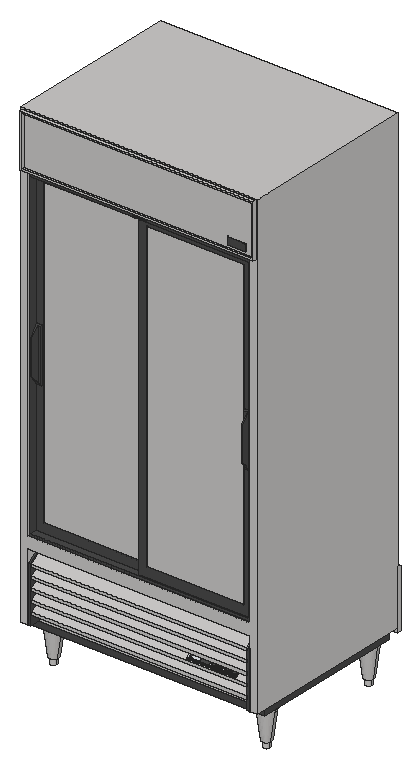
Revit family "QF_TRUE_TSD-33-HC", category Specialty Equipment, Revit 2016
Family settings
  Part Type = Normal
  Round Connector Dimension = Use Diameter
  Work Plane-Based = No
  Always vertical = Yes
  Cut with Voids When Loaded = No
  Shared = No
  Room Calculation Point = No
Parameters
  Weight in Pounds = 350
  Watts = if(Phase = 3, Volts * FL Amps * 1.73, Volts * FL Amps)  # 747.5 W
  Volts = 115 V
  URL Cutsheet = ""
  Specification by User = ""
  Specification by Manufacturer = ""
  Show Seismic Flanged [instance] = no
  Show Logo [instance] = no
  Show Legs [instance] = yes
  Show 2.5 Inches Castors [instance] = no
  Serial Number = ""
  Seismic Rating = ""
  Seismic Flanged [instance] = and(Show Seismic Flanged, not(Show 4 Inches Castors))  # no
  SMACNA No = ""
  Revision Code = ""
  Phase = 1
  Number of Poles = 1
  NAFEM Spec ID Number = ""
  Model = "TSD-33-HC"
  Min Ckt Ampacity = 0 A
  Max Overcurrent Protection = 0 A
  Masterspec = ""
  Manufacturer = "TRUE"
  Length = 39 1/2"
  Legs [instance] = and(not(Show 2.5 Inches Castors), or(Show Legs, Show Seismic Flanged))  # yes
  Item Number = ""
  Installed By = ""
  Identify Quantity as Lot = yes
  Height = 84 3/8"
  HP = "1/2"
  Furnished By = ""
  Foodservice Equipment Identifier = yes
  FL Amps = 6.5 A
  Electrical Remarks = ""
  Electric Connection Type = ""
  Elec Conn RI Height = 0"
  Elec Conn Connection Height = 0"
  Description = "REACH-IN SOLID DOOR REFRIGERATOR WITH HYDROCARBON REFRIGERANT"
  Depth = 29 13/16"
  Cycle = 60 Hz
  Conn Plug = "NEMA 5-15P"
  Conn Conduit = yes
  Show 4 Inches Castors [instance] = if(Show 2.5 Inches Castors, or(Show Legs, Show Seismic Flanged), if(Show Seismic Flanged, Show Legs, not(or(Show Legs, Show Seismic Flanged, Show 2.5 Inches Castors))))  # no
  CSI MasterFormat = ""
  Base Height [instance] = if(Show 4 Inches Castors, 4", if(Show 2.5 Inches Castors, 2 1/2", if(Show Legs, 6 1/16", if(Show Seismic Flanged, 6 1/16", 4"))))  # 6 1/16"
  Apparent Power = if(Phase = 3, Volts * FL Amps * 1.73, Volts * FL Amps)  # 747.5 VA
  2.5 Inches Castors [instance] = and(Show 2.5 Inches Castors, not(Show 4 Inches Castors))  # no
Reference planes (in)
  plane 1 "BACK": y = 0
  plane 2: z = 0
  plane 3 "LEFT": x = 0
  plane 4 "RIGHT": x = 39.5
  plane 5 "FRONT": y = -29.8125
  plane 6 "TOP": z = 84.375
  plane 7 "Center Y": x = 19.75
  plane 8 "Center X": y = -14.90625
  plane 9: z = 6.0625
  plane 10: y = 0.5
  plane 11: x = 2
  plane 12: x = 37.5
  plane 13: y = -24.90625
  plane 14: y = -3.59375
Dimensions and locks (in)
  equal spacing: plane 3 "LEFT", plane 7 "Center Y", plane 4 "RIGHT"
  "Length": plane 3 "LEFT" to plane 4 "RIGHT"
  equal spacing: plane 5 "FRONT", plane 8 "Center X", plane 1 "BACK"
  "Depth": plane 5 "FRONT" to plane 1 "BACK"
  "Height": plane 6 "TOP" to level
  "Base Height": plane 9 to plane 2
  aligned and locked: level to plane 2
  aligned and locked: plane 9 to nested 1
Nested families (in)
  nested 1: "TSD-33-HC" at (0, -0.25, 0.0625), type "TSD-33-HC"
    with Type Mark "", Specification by User "", Revision Code "", Logo yes, Item Number "", Installed By "", Identify Quantity as Lot yes, Furnished By "", Foodservice Equipment Identifier yes
  nested 2: "TRUE_L6_C3.25" at (2, -24.90625, 0), Show Casters <- "Show 4 Inches Castors", Seismic Plate <- "Seismic Flanged", Legs <- "Legs", 2.5 Inches Caster <- "2.5 Inches Castors", type "TRUE_L6_C3.25"
    with Type Mark "", Specification by User "", Show Casters no, Seismic Plate no, Revision Code "", Legs yes, Item Number "", Installed By "", Identify Quantity as Lot yes, Furnished By "", Foodservice Equipment Identifier yes, 2.5 Inches Caster no
  nested 3: "TRUE_L6_C3.25" at (37.5, -24.90625, 0), Show Casters <- "Show 4 Inches Castors", Seismic Plate <- "Seismic Flanged", Legs <- "Legs", 2.5 Inches Caster <- "2.5 Inches Castors", type "TRUE_L6_C3.25"
    with Type Mark "", Specification by User "", Show Casters no, Seismic Plate no, Revision Code "", Legs yes, Item Number "", Installed By "", Identify Quantity as Lot yes, Furnished By "", Foodservice Equipment Identifier yes, 2.5 Inches Caster no
  nested 4: "TRUE_L6_C3.25" at (2, -3.59375, 0), Show Casters <- "Show 4 Inches Castors", Seismic Plate <- "Seismic Flanged", Legs <- "Legs", 2.5 Inches Caster <- "2.5 Inches Castors", type "TRUE_L6_C3.25"
    with Type Mark "", Specification by User "", Show Casters no, Seismic Plate no, Revision Code "", Legs yes, Item Number "", Installed By "", Identify Quantity as Lot yes, Furnished By "", Foodservice Equipment Identifier yes, 2.5 Inches Caster no
  nested 5: "TRUE_L6_C3.25" at (37.5, -3.59375, 0), Show Casters <- "Show 4 Inches Castors", Seismic Plate <- "Seismic Flanged", Legs <- "Legs", 2.5 Inches Caster <- "2.5 Inches Castors", type "TRUE_L6_C3.25"
    with Type Mark "", Specification by User "", Show Casters no, Seismic Plate no, Revision Code "", Legs yes, Item Number "", Installed By "", Identify Quantity as Lot yes, Furnished By "", Foodservice Equipment Identifier yes, 2.5 Inches Caster no
Connectors (in)
  electrical at (19.75, 0.5, 11.625), driven by "Volts", driven by "Watts"
    settings: on nested 1, index 1, voltage 115 V, apparent load 747.5 VA, apparent load phase1 0 VA, apparent load phase2 0 VA, apparent load phase3 0 VA, power factor 1, load classification "Other", number of poles 1, system type 30, power factor state 1, is connector primary yes, connector utility no, sub classification motor no, connector description "ELECTRICAL CONNECTION"
Definition of nested family "TSD-33-HC"
  Parameters (values of type "TSD-33-HC")
    URL = "www.truemfg.com"
    Type Mark [instance] = ""
    Type Comments = "www.truemfg.com"
    Specification by User [instance] = ""
    Specification by Manufacturer = ""
    Serial Number = ""
    Seismic Rating = ""
    SMACNA No = ""
    Revision Code [instance] = ""
    Omniclass Number and Title = ""
    NAFEM Spec ID Number = ""
    Model = ""
    MasterSpec. = ""
    Manufacturer = "TRUE FOOD SERVICE EQUIPMENT, INC."
    Logo [instance] = yes
    Item Number [instance] = ""
    Installed By [instance] = ""
    Identify Quantity as Lot [instance] = yes
    Furnished By [instance] = ""
    Foodservice Equipment Identifier [instance] = yes
    Description = ""
    CSI MasterFormat = ""
    CSI Master Format = ""
    Assembly Code = ""
  Reference planes (in)
    plane 1: z = 0
    plane 2 "LEFT": x = 0
    plane 3 "RIGHT": x = 39.5
    plane 4 "FRONT": y = -29.5625
    plane 5 "TOP": z = 84.3125
    plane 6: z = 6
    plane 7: y = -36.15965
    plane 8: y = -36.15965
    plane 9: y = -36.15965
    plane 10: y = 0.25
    plane 11: y = 0.75
  Forms (in)
    Extrusion 1, solid
      sketch origin (0, 0, 1) x (0, 1, 0) y (0, 0, 1)
        loop
          line (-1, 6.375) -> (-27, 6.375) -> (-27, 5) -> (-1, 5) -> (-1, 6.375)
      from 0.5 to 39
    Extrusion 2, solid
      sketch origin (0, -29.875, 0) x (1, 0, 0) y (0, 0, 1)
        loop
          line (0, 84.3125) -> (0, 7.375) -> (1.25, 7.375) -> (1.25, 18.625) -> (38.25, 18.625) -> (38.25, 7.375) -> (39.5, 7.375) -> (39.5, 84.3125) -> (0, 84.3125)
        loop
          line (1.25, 75) -> (1.25, 20.625) -> (38.25, 20.625) -> (38.25, 75) -> (1.25, 75)
      from -28.875 to -0.8125
    Extrusion 3, solid
      sketch origin (0, 0, 0) x (1, 0, 0) y (0, 0, 1)
        loop
          line (0, 84.3125) -> (0, 7.375) -> (39.5, 7.375) -> (39.5, 84.3125) -> (0, 84.3125)
      from -0.25 to 1
    Extrusion 4, solid
      sketch origin (0, -2.45545, 4.4375) x (0, 1, 0) y (0, 0, 1)
        loop
          line (-26.60705, 6.357) -> (-24.90393, 7.56798) -> (-24.90393, 6.22746) -> (-26.60705, 5.01648) -> (-26.60705, 4.55635) -> (-24.90393, 5.76733) -> (-24.90393, 2.9375) -> (-24.04455, 2.9375) -> (-24.04455, 14.1875) -> (-24.90393, 14.1875) -> (-24.90393, 13.42723) -> (-26.60705, 12.21625) -> (-26.60705, 11.75612) -> (-24.90393, 12.9671) -> (-24.90393, 11.62658) -> (-26.60705, 10.4156) -> (-26.60705, 9.95547) -> (-24.90393, 11.16645) -> (-24.90393, 9.82592) -> (-26.60705, 8.61494) -> (-26.60705, 8.14374) -> (-24.90393, 9.35472) -> (-24.90393, 8.01419) -> (-26.60705, 6.80321) -> (-26.60705, 6.357)
      from 1.75 to 37.75
    Extrusion 5, solid
      sketch origin (-0.25, -2.45545, 4.4375) x (0, 1, 0) y (0, 0, 1)
        loop
          line (-24.90393, 13.42723) -> (-26.60705, 12.21625) -> (-26.60705, 2.9375) -> (-24.04455, 2.9375) -> (-24.04455, 14.17051) -> (-24.90393, 14.17051) -> (-24.90393, 13.42723)
      from 1.5 to 2
    Extrusion 6, solid
      sketch origin (39.75, -2.45545, 4.4375) x (0, 1, 0) y (0, 0, -1)
        loop
          line (-24.90393, -14.17051) -> (-24.04455, -14.17051) -> (-24.04455, -2.9375) -> (-26.60705, -2.9375) -> (-26.60705, -12.21625) -> (-24.90393, -13.42723) -> (-24.90393, -14.17051)
      from 1.5 to 2
    Extrusion 7, solid
      sketch origin (0, -29.5625, 0) x (1, 0, 0) y (0, 0, 1)
        loop
          line (0.5625, 75.4375) -> (38.9375, 75.4375) -> (38.9375, 83.8125) -> (0.5625, 83.8125) -> (0.5625, 75.4375)
        loop
          line (39.1875, 75.1875) -> (39.1875, 84.0625) -> (0.3125, 84.0625) -> (0.3125, 75.1875) -> (39.1875, 75.1875)
      from -0.5 to 0
    Extrusion 8, solid
      sketch origin (0, -28.9375, 0) x (1, 0, 0) y (0, 0, 1)
        loop
          line (2.75265, 73.5) -> (2.75265, 22.5) -> (18.87765, 22.5) -> (18.87765, 73.5) -> (2.75265, 73.5)
        loop
          line (1.50265, 21) -> (20.12765, 21) -> (20.12765, 75) -> (1.50265, 75) -> (1.50265, 21)
      from -1.90983 to -1.20983
    Extrusion 9, solid
      sketch origin (17.8697, -29.77233, 0) x (1, 0, 0) y (0, 0, 1)
        loop
          line (2.75265, 73.5) -> (2.75265, 22.5) -> (18.87765, 22.5) -> (18.87765, 73.5) -> (2.75265, 73.5)
        loop
          line (1.50265, 21) -> (20.12765, 21) -> (20.12765, 75) -> (1.50265, 75) -> (1.50265, 21)
      from -1.90983 to -1.20983
    Extrusion 10, solid
      sketch origin (0, -28.9375, 1) x (1, 0, 0) y (0, 0, 1)
        loop
          line (2.75265, 72.5) -> (2.75265, 21.5) -> (18.87765, 21.5) -> (18.87765, 72.5) -> (2.75265, 72.5)
      from -1.90983 to -1.20983
    Extrusion 11, solid
      sketch origin (17.8697, -29.77233, 1) x (1, 0, 0) y (0, 0, 1)
        loop
          line (2.75265, 72.5) -> (2.75265, 21.5) -> (18.87765, 21.5) -> (18.87765, 72.5) -> (2.75265, 72.5)
      from -1.90983 to -1.20983
    Extrusion 12, solid
      sketch origin (0, -28.9375, 0) x (1, 0, 0) y (0, 0, 1)
        loop
          line (1.50265, 74.375) -> (1.50265, 21) -> (37.99735, 21) -> (37.99735, 74.375) -> (1.50265, 74.375)
        loop
          line (1.25, 20.625) -> (38.25, 20.625) -> (38.25, 75) -> (1.25, 75) -> (1.25, 20.625)
      from -2.125 to 0
    Extrusion 13, solid
      sketch origin (0, 0.9375, 0) x (1, 0, 0) y (0, 1, 0)
        loop
          line (1.71617, -28.6875) -> (1.71617, -30) -> (1.91617, -30) -> (1.91617, -28.8875) -> (2.46617, -28.8875) -> (2.46617, -28.6875) -> (1.71617, -28.6875)
      from 42.905 to 52.00141
    Extrusion 14, solid
      sketch origin (12.6875, -4.5625, 8.43646) x (1, 0, 0) y (0, 0, 1)
        loop
          line (21.9155, 68.62885) -> (21.9155, 67.37885) -> (24.9155, 67.37885) -> (24.9155, 68.62885) -> (21.9155, 68.62885)
      from 24.5 to 24.58496
    Extrusion 15, void
      sketch origin (0, 0.9375, 0) x (0, 1, 0) y (0, 0, 1)
        loop
          line (-30, 50.26512) -> (-28.6875, 52.00141) -> (-30, 52.00141) -> (-30, 50.26512)
        loop
          line (-30, 44.64129) -> (-30, 42.905) -> (-28.6875, 42.905) -> (-30, 44.64129)
      from 1.71617 to 2.46617
    Extrusion 16, solid
      sketch origin (39.5, 0.125, 0) x (-1, 0, 0) y (0, -1, 0)
        loop
          line (1.71617, 28.6875) -> (2.46617, 28.6875) -> (2.46617, 28.8875) -> (1.91617, 28.8875) -> (1.91617, 30) -> (1.71617, 30) -> (1.71617, 28.6875)
      from 42.905 to 52.00141
    Extrusion 17, void
      sketch origin (39.5, 0.125, 0) x (0, 1, 0) y (0, 0, -1)
        loop
          line (-30, -50.26512) -> (-30, -52.00141) -> (-28.6875, -52.00141) -> (-30, -50.26512)
        loop
          line (-30, -44.64129) -> (-28.6875, -42.905) -> (-30, -42.905) -> (-30, -44.64129)
      from 1.71617 to 2.46617
    Extrusion 18, solid, visible <- "Logo"
      sketch origin (13.58104, 5.83047, 43.96283) x (1, 0, 0) y (0, 0, 1)
        loop
          line (4.75096, 30.92458) -> (4.7107, 30.83825) -> (5.24616, 30.83825)
          arc (5.24616, 30.83825) -> (5.25703, 30.81904) -> (5.24616, 30.79982) r 0.02243
          line (5.24616, 30.79982) -> (5.1065, 30.50032)
          arc (5.1065, 30.50032) -> (5.10529, 30.47258) -> (5.12405, 30.45211) r 0.03628
          line (5.12405, 30.45211) -> (5.46643, 30.45211)
          arc (5.46643, 30.45211) -> (5.50967, 30.46574) -> (5.53726, 30.50171) r 0.07537
          line (5.53726, 30.50171) -> (5.64717, 30.7374) -> (5.74815, 30.7374)
          arc (5.74815, 30.7374) -> (5.77464, 30.72766) -> (5.77081, 30.69969) r 0.02252
          line (5.77081, 30.69969) -> (5.67884, 30.50248)
          arc (5.67884, 30.50248) -> (5.68027, 30.46973) -> (5.70792, 30.45211) r 0.0355
          line (5.70792, 30.45211) -> (6.00877, 30.45211)
          arc (6.00877, 30.45211) -> (6.03182, 30.4605) -> (6.04408, 30.48174) r 0.03586
          arc (6.04408, 30.48174) -> (6.05276, 30.46079) -> (6.07372, 30.45211) r 0.02963
          line (6.07372, 30.45211) -> (6.26421, 30.45211)
          arc (6.26421, 30.45211) -> (6.28621, 30.45801) -> (6.30232, 30.47412) r 0.04401
          arc (6.30232, 30.47412) -> (6.31003, 30.4555) -> (6.32865, 30.44778) r 0.02633
          line (6.32865, 30.44778) -> (6.59938, 30.44778)
          arc (6.59938, 30.44778) -> (6.62152, 30.45695) -> (6.63069, 30.47909) r 0.0313
          arc (6.63069, 30.47909) -> (6.65098, 30.4588) -> (6.67869, 30.45137) r 0.05543
          line (6.67869, 30.45137) -> (7.18584, 30.45137) -> (7.24217, 30.54894) -> (6.73064, 30.54894)
          arc (6.73064, 30.54894) -> (6.71652, 30.55873) -> (6.716, 30.57591) r 0.01908
          line (6.716, 30.57591) -> (6.73629, 30.61943) -> (6.9242, 30.61943)
          arc (6.9242, 30.61943) -> (6.95969, 30.62894) -> (6.98567, 30.65492) r 0.07098
          line (6.98567, 30.65492) -> (7.03329, 30.7374)
          arc (7.03329, 30.7374) -> (7.03329, 30.78143) -> (6.99517, 30.80344) r 0.04402
          line (6.99517, 30.80344) -> (6.82163, 30.80344)
          arc (6.82163, 30.80344) -> (6.7774, 30.79592) -> (6.74653, 30.76335) r 0.07088
          line (6.74653, 30.76335) -> (6.66407, 30.5865)
          arc (6.66407, 30.5865) -> (6.63973, 30.55478) -> (6.6016, 30.54276) r 0.06648
          line (6.6016, 30.54276) -> (6.4216, 30.54276)
          arc (6.4216, 30.54276) -> (6.40005, 30.56628) -> (6.40144, 30.59814) r 0.04167
          line (6.40144, 30.59814) -> (6.49717, 30.80344) -> (6.43624, 30.80344) -> (6.33482, 30.58594)
          arc (6.33482, 30.58594) -> (6.31512, 30.56025) -> (6.28424, 30.55052) r 0.05382
          line (6.28424, 30.55052) -> (6.16012, 30.55052)
          arc (6.16012, 30.55052) -> (6.13914, 30.57786) -> (6.14364, 30.61201) r 0.04502
          line (6.14364, 30.61201) -> (6.2329, 30.80344) -> (6.16998, 30.80344) -> (6.06724, 30.5831)
          arc (6.06724, 30.5831) -> (6.04339, 30.55925) -> (6.01081, 30.55052) r 0.06516
          line (6.01081, 30.55052) -> (5.83107, 30.55052)
          arc (5.83107, 30.55052) -> (5.79879, 30.56557) -> (5.79568, 30.60106) r 0.03562
          line (5.79568, 30.60106) -> (5.85476, 30.72776) -> (5.93828, 30.72776)
          arc (5.93828, 30.72776) -> (5.95237, 30.77023) -> (5.98236, 30.80344) r 0.10884
          line (5.98236, 30.80344) -> (5.65601, 30.80344)
          arc (5.65601, 30.80344) -> (5.61974, 30.7954) -> (5.59465, 30.76801) r 0.06177
          line (5.59465, 30.76801) -> (5.50619, 30.57831)
          arc (5.50619, 30.57831) -> (5.48585, 30.55797) -> (5.45806, 30.55052) r 0.05557
          line (5.45806, 30.55052) -> (5.26322, 30.55052)
          arc (5.26322, 30.55052) -> (5.24802, 30.57107) -> (5.25091, 30.59647) r 0.03488
          line (5.25091, 30.59647) -> (5.37947, 30.83825) -> (5.70382, 30.83825) -> (5.74408, 30.92458) -> (5.41972, 30.92458) -> (5.45997, 31.0109) -> (5.34459, 31.0109) -> (5.30434, 30.92458) -> (4.75096, 30.92458)
        loop
          line (6.7997, 30.72507) -> (6.78025, 30.67212) -> (6.93883, 30.67212) -> (6.95026, 30.72507) -> (6.7997, 30.72507)
      from 34.76797 to 34.83173
    Extrusion 19, solid
      sketch origin (39.5, -29.375, 84.3125) x (0, 0, -1) y (0, 1, 0)
        loop
          line (77.625, 29.625) -> (77.625, 30.125) -> (67.875, 30.125) -> (67.375, 29.625) -> (77.625, 29.625)
      from 0 to -39.5
  Cuts and joins
    Extrusion 15, Extrusion 17 cuts Extrusion 2
    Extrusion 15, Extrusion 17 cuts Extrusion 3
    joined: Extrusion 2, Extrusion 3
    Extrusion 15, Extrusion 17 cuts Extrusion 12
    Extrusion 15, Extrusion 17 cuts Extrusion 13
    Extrusion 17 cuts Extrusion 16
  Lines and regions (in)
    symbolic lines
      curve 1: line (0, 0.25, 0) -> (39.5, 0.25, 0)
      curve 2: line (0, -29.0625, 0) -> (0, 0.25, 0)
      curve 3: line (39.5, -29.0625, 0) -> (0, -29.0625, 0)
      curve 4: line (39.5, 0.25, 0) -> (39.5, -29.0625, 0)
      curve 5: line (39.1875, -29.5625, 0) -> (39.1875, -29.0625, 0)
      curve 6: line (39.1875, -29.5625, 0) -> (0.3125, -29.5625, 0)
      curve 7: line (0.3125, -29.5625, 0) -> (0.3125, -29.0625, 0)
  Dimensions and locks (in)
    plane 2 "LEFT" to plane 3 "RIGHT" = 39 1/2"
    locked: Extrusion 1 sketch curve to Extrusion 1 sketch curve at 1.375
    plane 6 to level = 6"
    plane 3 "RIGHT" to plane 2 "LEFT" = 39 1/2"
    plane 4 "FRONT" to plane 10 = 29 13/16"
    plane 10 to plane 11 = 1/2"
    Extrusion 19 to cut or joined group of Extrusion 2, Extrusion 3, Extrusion 15, Extrusion 17 to plane 4 "FRONT" = 1/2", 29 13/16"
    aligned and locked: level to plane 1
    aligned and locked: Extrusion 2 to Extrusion 3
    aligned and locked: Extrusion 5 to Extrusion 4
    aligned and locked: Extrusion 4 to Extrusion 6
    aligned and locked: Extrusion 15 to cut or joined group of Extrusion 13, Extrusion 15, Extrusion 17
    aligned and locked: Extrusion 4 sketch curve to Extrusion 5
    aligned and locked: Extrusion 6 sketch curve to Extrusion 5
  Nested families (in)
    nested 1: "QF_LOGO_TRUE" at (27.58114, -28.82096, 11.41246), visible <- "Logo", type "QF_LOGO_TRUE", detail levels medium+fine
      with Show Logo yes
  Definition of nested family "QF_LOGO_TRUE"
    Parameters (values of type "QF_LOGO_TRUE")
      Show Logo [instance] = yes
    Reference planes (in)
      plane 1 "Center (Front/Back)": y = 0
      plane 2: z = 0
      plane 3 "Center (Left/Right)": x = 0
    Forms (in)
      Extrusion 1, solid, visible <- "Show Logo"
        sketch origin (-78.34647, -4.72047, -46.01591) x (1, 0, 0) y (0, 0.815027, 0.579423)
          loop
            line (81.15226, 31.65456) -> (81.07353, 31.48573) -> (82.12083, 31.48573)
            arc (82.12083, 31.48573) -> (82.14208, 31.44814) -> (82.12083, 31.41055) r 0.04386
            line (82.12083, 31.41055) -> (81.84767, 30.82478)
            arc (81.84767, 30.82478) -> (81.84531, 30.77052) -> (81.882, 30.73048) r 0.07096
            line (81.882, 30.73048) -> (82.55165, 30.73048)
            arc (82.55165, 30.73048) -> (82.63621, 30.75714) -> (82.69019, 30.82748) r 0.14742
            line (82.69019, 30.82748) -> (82.90515, 31.28847) -> (83.10265, 31.28847)
            arc (83.10265, 31.28847) -> (83.15447, 31.26942) -> (83.14697, 31.21472) r 0.04405
            line (83.14697, 31.21472) -> (82.9671, 30.82899)
            arc (82.9671, 30.82899) -> (82.9699, 30.76493) -> (83.02398, 30.73048) r 0.06943
            line (83.02398, 30.73048) -> (83.6124, 30.73048)
            arc (83.6124, 30.73048) -> (83.65748, 30.74689) -> (83.68147, 30.78844) r 0.07014
            arc (83.68147, 30.78844) -> (83.69845, 30.74745) -> (83.73943, 30.73048) r 0.05796
            line (83.73943, 30.73048) -> (84.112, 30.73048)
            arc (84.112, 30.73048) -> (84.15504, 30.74201) -> (84.18655, 30.77352) r 0.08608
            arc (84.18655, 30.77352) -> (84.20164, 30.7371) -> (84.23806, 30.72202) r 0.0515
            line (84.23806, 30.72202) -> (84.76757, 30.72202)
            arc (84.76757, 30.72202) -> (84.81086, 30.73995) -> (84.8288, 30.78324) r 0.06122
            arc (84.8288, 30.78324) -> (84.86848, 30.74355) -> (84.92269, 30.72903) r 0.10842
            line (84.92269, 30.72903) -> (85.91461, 30.72903) -> (86.02479, 30.91987) -> (85.0243, 30.91987)
            arc (85.0243, 30.91987) -> (84.99669, 30.93902) -> (84.99566, 30.97261) r 0.03732
            line (84.99566, 30.97261) -> (85.01297, 31.00972)
            arc (85.01297, 31.00972) -> (85.03954, 31.04453) -> (85.0813, 31.05774) r 0.07263
            line (85.0813, 31.05774) -> (85.40289, 31.05774)
            arc (85.40289, 31.05774) -> (85.4723, 31.07633) -> (85.52311, 31.12715) r 0.13882
            line (85.52311, 31.12715) -> (85.61625, 31.28847)
            arc (85.61625, 31.28847) -> (85.61625, 31.37458) -> (85.54168, 31.41763) r 0.08611
            line (85.54168, 31.41763) -> (85.20227, 31.41763)
            arc (85.20227, 31.41763) -> (85.11574, 31.40294) -> (85.05538, 31.33923) r 0.13863
            line (85.05538, 31.33923) -> (84.89409, 30.99333)
            arc (84.89409, 30.99333) -> (84.84649, 30.9313) -> (84.77191, 30.90778) r 0.13002
            line (84.77191, 30.90778) -> (84.41984, 30.90778)
            arc (84.41984, 30.90778) -> (84.3777, 30.95378) -> (84.38042, 31.0161) r 0.08151
            line (84.38042, 31.0161) -> (84.56766, 31.41763) -> (84.44849, 31.41763) -> (84.25012, 30.99222)
            arc (84.25012, 30.99222) -> (84.21158, 30.94199) -> (84.15119, 30.92296) r 0.10527
            line (84.15119, 30.92296) -> (83.90842, 30.92296)
            arc (83.90842, 30.92296) -> (83.8674, 30.97642) -> (83.87619, 31.04323) r 0.08805
            line (83.87619, 31.04323) -> (84.05078, 31.41763) -> (83.92772, 31.41763) -> (83.72676, 30.98668)
            arc (83.72676, 30.98668) -> (83.68011, 30.94003) -> (83.61639, 30.92296) r 0.12745
            line (83.61639, 30.92296) -> (83.26484, 30.92296)
            arc (83.26484, 30.92296) -> (83.2017, 30.9524) -> (83.19563, 31.0218) r 0.06967
            line (83.19563, 31.0218) -> (83.31118, 31.26961) -> (83.47452, 31.26961)
            arc (83.47452, 31.26961) -> (83.50209, 31.35268) -> (83.56075, 31.41763) r 0.21289
            line (83.56075, 31.41763) -> (82.92244, 31.41763)
            arc (82.92244, 31.41763) -> (82.85151, 31.40191) -> (82.80242, 31.34834) r 0.12081
            line (82.80242, 31.34834) -> (82.6294, 30.9773)
            arc (82.6294, 30.9773) -> (82.58962, 30.93752) -> (82.53528, 30.92296) r 0.10869
            line (82.53528, 30.92296) -> (82.1542, 30.92296)
            arc (82.1542, 30.92296) -> (82.12446, 30.96315) -> (82.13012, 31.01283) r 0.06822
            line (82.13012, 31.01283) -> (82.38156, 31.48573) -> (83.01596, 31.48573) -> (83.09469, 31.65456) -> (82.46029, 31.65456) -> (82.53902, 31.8234) -> (82.31334, 31.8234) -> (82.23461, 31.65456) -> (81.15226, 31.65456)
          loop
            arc (85.15937, 31.26434) -> (85.13191, 31.25698) -> (85.1118, 31.23688) r 0.05494
            line (85.1118, 31.23688) -> (85.09547, 31.18665)
            arc (85.09547, 31.18665) -> (85.10304, 31.16837) -> (85.12133, 31.16079) r 0.02586
            line (85.12133, 31.16079) -> (85.39889, 31.16079)
            arc (85.39889, 31.16079) -> (85.41888, 31.16523) -> (85.43513, 31.1777) r 0.04731
            line (85.43513, 31.1777) -> (85.44863, 31.2402)
            arc (85.44863, 31.2402) -> (85.44466, 31.25693) -> (85.42914, 31.26434) r 0.01994
            line (85.42914, 31.26434) -> (85.15937, 31.26434)
          loop
            line (78.62961, 30.74125) -> (80.12032, 30.74125) -> (80.73891, 31.81268) -> (79.2482, 31.81268) -> (78.62961, 30.74125)
        from 34.76797 to 34.83173
      Extrusion 2, solid, visible <- "Show Logo"
        sketch origin (-142.84857, -7.0493, -47.64949) x (1, 0, 0) y (0, 0.815027, 0.579423)
          loop
            line (150.81107, 34.71978) -> (142.98607, 34.71978) -> (142.98607, 33.4921) -> (150.81107, 33.4921) -> (150.81107, 34.71978)
        from 34.75108 to 34.78125
      Extrusion 3, solid, visible <- "Show Logo"
        sketch origin (-142.84857, -7.0493, -47.64949) x (1, 0, 0) y (0, 0.815027, 0.579423)
          loop
            line (150.94857, 34.85727) -> (142.84857, 34.85727) -> (142.84857, 33.3546) -> (150.94857, 33.3546) -> (150.94857, 34.85727)
          loop
            line (142.98607, 34.71978) -> (142.98607, 33.4921) -> (150.81107, 33.4921) -> (150.81107, 34.71978) -> (142.98607, 34.71978)
        from 34.75108 to 34.81376
      Extrusion 4, solid, not visible
        sketch origin (121.45701, -16.5, 4.98235) x (1, 0, 0) y (0, 0, 1)
          loop
            line (25.20115, 35.89949) -> (25.20115, 33.96647) -> (30.95381, 33.96647) -> (30.95381, 35.89949) -> (25.20115, 35.89949)
        from 31.5 to 31.54261
      Extrusion 5, solid, not visible
        sketch origin (121.45701, -16.5, 4.98235) x (1, 0, 0) y (0, 0, 1)
          loop
            line (26.7387, 34.95472) -> (26.61492, 34.49276) -> (27.038, 34.49276)
            arc (27.038, 34.49276) -> (27.13117, 34.52484) -> (27.18485, 34.60749) r 0.15134
            arc (27.18485, 34.60749) -> (27.20396, 34.68138) -> (27.22435, 34.75493) r 4.37326
            arc (27.22435, 34.75493) -> (27.23458, 34.81765) -> (27.22435, 34.88037) r 0.1974
            arc (27.22435, 34.88037) -> (27.18247, 34.93579) -> (27.11563, 34.95472) r 0.10914
            line (27.11563, 34.95472) -> (26.7387, 34.95472)
          loop
            line (26.90201, 34.80638) -> (26.84645, 34.59903) -> (26.92855, 34.59903)
            arc (26.92855, 34.59903) -> (26.98205, 34.6185) -> (27.01051, 34.6678) r 0.08322
            line (27.01051, 34.6678) -> (27.02399, 34.74424)
            arc (27.02399, 34.74424) -> (27.01491, 34.78454) -> (26.97985, 34.80638) r 0.05353
            line (26.97985, 34.80638) -> (26.90201, 34.80638)
          loop
            line (27.45336, 34.66131) -> (27.76233, 34.66131) -> (27.78859, 34.73909)
            arc (27.78859, 34.73909) -> (27.7878, 34.82039) -> (27.73107, 34.87864) r 0.10925
            arc (27.73107, 34.87864) -> (27.68233, 34.8944) -> (27.63139, 34.89974) r 0.24595
            line (27.63139, 34.89974) -> (27.46708, 34.89974)
            arc (27.46708, 34.89974) -> (27.4068, 34.88073) -> (27.3535, 34.84677) r 0.2421
            arc (27.3535, 34.84677) -> (27.2897, 34.76363) -> (27.26702, 34.66131) r 0.2421
            line (27.26702, 34.66131) -> (27.26702, 34.54477)
            arc (27.26702, 34.54477) -> (27.31618, 34.4956) -> (27.38334, 34.47761) r 0.13431
            line (27.38334, 34.47761) -> (27.59054, 34.47761)
            arc (27.59054, 34.47761) -> (27.63459, 34.48281) -> (27.67622, 34.49812) r 0.18924
            line (27.67622, 34.49812) -> (27.73102, 34.61563)
            arc (27.73102, 34.61563) -> (27.68453, 34.59565) -> (27.63566, 34.58252) r 0.35376
            arc (27.63566, 34.58252) -> (27.55885, 34.56956) -> (27.48204, 34.58252) r 0.23415
            arc (27.48204, 34.58252) -> (27.44492, 34.61362) -> (27.45336, 34.66131) r 0.04838
          loop
            line (27.4842, 34.73042) -> (27.62012, 34.73042) -> (27.62621, 34.76496)
            arc (27.62621, 34.76496) -> (27.58961, 34.80242) -> (27.53739, 34.80638) r 0.0742
            arc (27.53739, 34.80638) -> (27.49747, 34.77773) -> (27.4842, 34.73042) r 0.0742
          loop
            line (27.91616, 34.97572) -> (27.78675, 34.49276) -> (27.98645, 34.49276) -> (28.11586, 34.97572) -> (27.91616, 34.97572)
          loop
            line (28.13678, 34.66131) -> (28.08755, 34.47761) -> (28.27134, 34.47761) -> (28.32056, 34.66131) -> (28.43674, 34.66131) -> (28.47974, 34.78864) -> (28.36519, 34.78864)
            arc (28.36519, 34.78864) -> (28.35733, 34.81649) -> (28.36921, 34.84288) r 0.04231
            arc (28.36921, 34.84288) -> (28.431, 34.8652) -> (28.49617, 34.85686) r 0.13988
            line (28.49617, 34.85686) -> (28.53544, 34.97317)
            arc (28.53544, 34.97317) -> (28.39725, 34.99096) -> (28.25905, 34.97317) r 0.54546
            arc (28.25905, 34.97317) -> (28.20849, 34.91994) -> (28.18197, 34.85147) r 0.1894
            line (28.18197, 34.85147) -> (28.17089, 34.78864) -> (28.11397, 34.78864) -> (28.07985, 34.66131) -> (28.13678, 34.66131)
          loop
            arc (28.74846, 34.89756) -> (28.65884, 34.88533) -> (28.56922, 34.89756) r 0.33455
            line (28.56922, 34.89756) -> (28.45669, 34.47761) -> (28.63593, 34.47761) -> (28.74846, 34.89756)
          loop
            arc (28.60398, 35.01195) -> (28.57699, 34.97173) -> (28.60398, 34.9315) r 0.04347
            line (28.60398, 34.9315) -> (28.75755, 34.9315)
            arc (28.75755, 34.9315) -> (28.78645, 34.96687) -> (28.77911, 35.01195) r 0.0556
            line (28.77911, 35.01195) -> (28.60398, 35.01195)
          loop
            line (28.95336, 34.66131) -> (29.26233, 34.66131) -> (29.28859, 34.73909)
            arc (29.28859, 34.73909) -> (29.2878, 34.82039) -> (29.23107, 34.87864) r 0.10925
            arc (29.23107, 34.87864) -> (29.18233, 34.8944) -> (29.13139, 34.89974) r 0.24595
            line (29.13139, 34.89974) -> (28.96708, 34.89974)
            arc (28.96708, 34.89974) -> (28.9068, 34.88073) -> (28.8535, 34.84677) r 0.2421
            arc (28.8535, 34.84677) -> (28.7897, 34.76363) -> (28.76702, 34.66131) r 0.2421
            line (28.76702, 34.66131) -> (28.76702, 34.54477)
            arc (28.76702, 34.54477) -> (28.81618, 34.4956) -> (28.88334, 34.47761) r 0.13431
            line (28.88334, 34.47761) -> (29.09054, 34.47761)
            arc (29.09054, 34.47761) -> (29.13459, 34.48281) -> (29.17622, 34.49812) r 0.18924
            line (29.17622, 34.49812) -> (29.23102, 34.61563)
            arc (29.23102, 34.61563) -> (29.18453, 34.59565) -> (29.13566, 34.58252) r 0.35376
            arc (29.13566, 34.58252) -> (29.05885, 34.56956) -> (28.98204, 34.58252) r 0.23415
            arc (28.98204, 34.58252) -> (28.94492, 34.61362) -> (28.95336, 34.66131) r 0.04838
          loop
            line (28.9842, 34.73042) -> (29.12012, 34.73042) -> (29.12621, 34.76496)
            arc (29.12621, 34.76496) -> (29.08961, 34.80242) -> (29.03739, 34.80638) r 0.0742
            arc (29.03739, 34.80638) -> (28.99747, 34.77773) -> (28.9842, 34.73042) r 0.0742
          loop
            line (29.41616, 34.97572) -> (29.28675, 34.49276) -> (29.48645, 34.49276) -> (29.61586, 34.97572) -> (29.41616, 34.97572)
          loop
            line (29.99836, 34.97572) -> (29.95192, 34.80242)
            arc (29.95192, 34.80242) -> (29.94473, 34.85705) -> (29.90102, 34.89059) r 0.07199
            arc (29.90102, 34.89059) -> (29.80023, 34.89941) -> (29.70251, 34.87322) r 0.29131
            arc (29.70251, 34.87322) -> (29.61806, 34.7652) -> (29.5896, 34.63108) r 0.30433
            line (29.5896, 34.63108) -> (29.5896, 34.55572)
            arc (29.5896, 34.55572) -> (29.61075, 34.50463) -> (29.66184, 34.48348) r 0.07224
            line (29.66184, 34.48348) -> (29.78537, 34.48348)
            arc (29.78537, 34.48348) -> (29.83854, 34.51313) -> (29.88504, 34.55243) r 0.31609
            line (29.88504, 34.55243) -> (29.86905, 34.49276) -> (30.05973, 34.49276) -> (30.18914, 34.97572) -> (29.99836, 34.97572)
          loop
            arc (29.84537, 34.75931) -> (29.79424, 34.71128) -> (29.77745, 34.64317) r 0.12371
            arc (29.77745, 34.64317) -> (29.80071, 34.59901) -> (29.85056, 34.59647) r 0.05045
            arc (29.85056, 34.59647) -> (29.90141, 34.64047) -> (29.92536, 34.7033) r 0.13769
            arc (29.92536, 34.7033) -> (29.90211, 34.75521) -> (29.84537, 34.75931) r 0.05543
          loop
            line (26.45047, 35.26762) -> (26.58211, 35.26762)
            arc (26.58211, 35.26762) -> (26.60467, 35.30821) -> (26.62126, 35.35157) r 0.3277
            arc (26.62126, 35.35157) -> (26.62714, 35.39992) -> (26.60877, 35.44503) r 0.09693
            arc (26.60877, 35.44503) -> (26.56454, 35.48868) -> (26.50462, 35.50516) r 0.12312
            arc (26.50462, 35.50516) -> (26.44158, 35.50565) -> (26.37854, 35.50546) r 5.76967
            arc (26.37854, 35.50546) -> (26.07462, 35.42923) -> (25.81045, 35.26076) r 0.97743
            line (25.81045, 35.26076) -> (25.85921, 35.26076)
            arc (25.85921, 35.26076) -> (26.08494, 35.39361) -> (26.3396, 35.45485) r 0.88817
            arc (26.3396, 35.45485) -> (26.41429, 35.44188) -> (26.47267, 35.39352) r 0.14748
            arc (26.47267, 35.39352) -> (26.48041, 35.32725) -> (26.45047, 35.26762) r 0.11636
          loop
            arc (26.35412, 35.17841) -> (26.19578, 35.0555) -> (26.00982, 34.98069) r 0.72453
            arc (26.00982, 34.98069) -> (25.9036, 34.95581) -> (25.79459, 34.9604) r 0.40201
            arc (25.79459, 34.9604) -> (25.7275, 34.98819) -> (25.69972, 35.05528) r 0.09488
            arc (25.69972, 35.05528) -> (25.71867, 35.12629) -> (25.77049, 35.17841) r 0.1425
            line (25.77049, 35.17841) -> (25.73665, 35.18748)
            arc (25.73665, 35.18748) -> (25.67632, 35.09876) -> (25.66924, 34.99171) r 0.20432
            arc (25.66924, 34.99171) -> (25.71443, 34.9227) -> (25.79473, 34.90384) r 0.11116
            arc (25.79473, 34.90384) -> (25.91172, 34.89904) -> (26.02716, 34.91862) r 0.56145
            arc (26.02716, 34.91862) -> (26.27675, 35.021) -> (26.49584, 35.17841) r 1.15683
            line (26.49584, 35.17841) -> (26.35412, 35.17841)
        from 31.54261 to 31.56272
    Dimensions and locks (in)
      aligned and locked: level to plane 2
      aligned and locked: Extrusion 2 to Extrusion 3  (x2)
      aligned and locked: Extrusion 2 sketch curve to Extrusion 3
Definition of nested family "TRUE_L6_C3.25"
  Parameters (values of type "TRUE_L6_C3.25")
    Weight = ""
    URL Manufacturer = ""
    URL Cutsheet = ""
    URL = ""
    Type Mark [instance] = ""
    Specification by User [instance] = ""
    Specification by Manufacturer = ""
    Show Casters [instance] = yes
    Serial Number = ""
    Seismic Rating = ""
    Seismic Plate [instance] = no
    SMACNA No = ""
    Revision Code [instance] = ""
    Omniclass Number and Title = ""
    NAFEM Spec ID Number = ""
    Model = ""
    MasterSpec. = ""
    Manufacturer = ""
    Legs [instance] = no
    Item Number [instance] = ""
    Installed By [instance] = ""
    Identify Quantity as Lot [instance] = yes
    Furnished By [instance] = ""
    Foodservice Equipment Identifier [instance] = yes
    Description = ""
    CSI MasterFormat = ""
    CSI Master Format = ""
    Assembly Code = ""
    2.5 Inches Caster [instance] = yes
  Reference planes (in)
    plane 1: z = 0
    plane 2 "RIGHT": x = 0
    plane 3 "FRONT": y = 0
    plane 4 "TOP": z = 6.0625
    plane 5: z = 3.25
  Forms (in)
    Revolve 1, solid, visible <- "Legs"
      sketch origin (-2, 0, 0) x (1, 0, 0) y (0, 0, -1)
        loop
          line (2, -6.0625) -> (2, 0) -> (1.5, 0) -> (1.5, -1) -> (1.25, -1) -> (0.52966, -6.0625) -> (2, -6.0625)
        axis (2, 0) -> (2, -6.0625)
      angle from 0 to 360
    Extrusion 2, solid, visible <- "Seismic Plate"
      sketch origin (-3.06916, 1.69416, 0) x (1, 0, 0) y (0, 1, 0)
        loop
          circle (3.06916, -1.69416) r 1.5
      from 0 to 0.25
  Dimensions and locks (in)
    plane 4 "TOP" to level = 6 1/16"  (x2)
    plane 5 to level = 3 1/4"
    aligned and locked: level to plane 1
  Nested families (in)
    nested 1: "HATCO_4 INCHES_CASTER" at (0, 0, 0), visible <- "Show Casters", type "HATCO_4 INCHES_CASTER"
      with Type Mark "", Specification by User "", Show 4 Inches Caster yes, Revision Code "", Item Number "", Installed By "", Identify Quantity as Lot yes, Furnished By "", Foodservice Equipment Identifier yes
    nested 2: "2.5 INCHES_CASTER" at (0, 0, 0), visible <- "2.5 Inches Caster", type "2.5 INCHES_CASTER"
      with Type Mark "", Specification by User "", Revision Code "", Item Number "", Installed By "", Identify Quantity as Lot yes, Furnished By "", Foodservice Equipment Identifier yes, 2.5 Inches Caster yes
  Definition of nested family "HATCO_4 INCHES_CASTER"
    Parameters (values of type "HATCO_4 INCHES_CASTER")
      URL Manufacturer = ""
      URL Cutsheet = ""
      URL = ""
      Type Mark [instance] = ""
      Specification by User [instance] = ""
      Specification by Manufacturer = ""
      Serial Number = ""
      Seismic Rating = ""
      SMACNA No = ""
      Revision Code [instance] = ""
      Omniclass Number and Title = ""
      NAFEM Spec ID Number = ""
      Model = ""
      Manufacturer = ""
      Item Number [instance] = ""
      Installed By [instance] = ""
      Identify Quantity as Lot [instance] = yes
      Furnished By [instance] = ""
      Foodservice Equipment Identifier [instance] = yes
      Description = ""
      CSI MasterFormat = ""
      CSI Master Format = ""
      Assembly Code = ""
      Show 4 Inches Caster [instance] = yes
    Reference planes (in)
      plane 1: z = 0
      plane 2 "RIGHT": x = 0
      plane 3 "FRONT": y = 0
      plane 4 "TOP": z = 4
    Forms (in)
      Revolve 1, solid, visible <- "Show 4 Inches Caster"
        sketch origin (-1.93794, 0.83816, -1.0041) x (1, 0, 0) y (0, 0, 1)
          loop
            line (0.74055, 2.5041) -> (3.15007, 2.5041) -> (3.15007, 2.5796) -> (3.10007, 2.6296) -> (3.04007, 2.6296) -> (3.04007, 2.74967) -> (2.62438, 2.74967) -> (2.62438, 2.93884) -> (2.48438, 3.01967) -> (2.45908, 3.17597) -> (2.51563, 3.17597) -> (2.51563, 3.41035) -> (2.48438, 3.41035) -> (2.48438, 4.0041) -> (1.375, 4.0041) -> (1.375, 3.41035) -> (1.34375, 3.41035) -> (1.34375, 3.17597) -> (1.4003, 3.17597) -> (1.37557, 3.02318) -> (1.235, 2.94202) -> (1.235, 2.74967) -> (0.85055, 2.74967) -> (0.85055, 2.6296) -> (0.79055, 2.6296) -> (0.74055, 2.5796) -> (0.74055, 2.5041)
          axis (0.74055, 2.5041) -> (3.15007, 2.5041)
        angle from 0 to 360
      Extrusion 2, solid, visible <- "Show 4 Inches Caster"
        sketch origin (-1.93794, 1.80294, -1.7541) x (0, 1, 0) y (0, 0, 1)
          loop
            line (-3.08794, 5.33423) -> (-3.08794, 5.00584) -> (-2.69466, 5.00584)
            arc (-2.69466, 5.00584) -> (-1.57175, 4.94895) -> (-0.46376, 4.75787) r 9.36411
            arc (-0.46376, 4.75787) -> (-0.05889, 4.58436) -> (0.28335, 4.30705) r 1.60049
            line (0.28335, 4.30705) -> (0.34449, 4.39437)
            arc (0.34449, 4.39437) -> (0.12713, 4.6163) -> (-0.1239, 4.79931) r 1.8753
            line (-0.1239, 4.79931) -> (-0.05749, 4.91421)
            arc (-0.05749, 4.91421) -> (-0.33807, 5.05694) -> (-0.64294, 5.13542) r 1.44292
            line (-0.64294, 5.13542) -> (-0.64294, 5.33423) -> (-3.08794, 5.33423)
        from 1.1267 to 2.74918
      Revolve 3, solid, visible <- "Show 4 Inches Caster"
        sketch origin (0, 2.15543, -2.25) x (0, 1, 0) y (0, 0, 1)
          loop
            line (-2.21793, 6.25) -> (-2.21793, 5.83014) -> (-1.05793, 5.83014) -> (-1.05793, 6.25) -> (-2.21793, 6.25)
          axis (-2.21793, 5.83014) -> (-2.21793, 6.25)
        angle from 0 to 360
      Extrusion 4, solid, visible <- "Show 4 Inches Caster"
        sketch origin (-1.93794, 1.80294, -1.7541) x (0, 1, 0) y (0, 0, 1)
          loop
            line (-3.08794, 5.33423) -> (-3.08794, 5.00584) -> (-2.8913, 5.00584)
            arc (-2.8913, 5.00584) -> (-2.09118, 4.14057) -> (-1.45681, 3.14736) r 6.63355
            arc (-1.45681, 3.14736) -> (-0.85703, 2.75969) -> (-0.4561, 3.35069) r 0.5107
            arc (-0.4561, 3.35069) -> (-0.27092, 3.92503) -> (0.24034, 4.24562) r 0.88136
            line (0.24034, 4.24562) -> (0.34449, 4.39437)
            arc (0.34449, 4.39437) -> (0.12713, 4.6163) -> (-0.1239, 4.79931) r 1.8753
            line (-0.1239, 4.79931) -> (-0.05749, 4.91421)
            arc (-0.05749, 4.91421) -> (-0.33807, 5.05694) -> (-0.64294, 5.13542) r 1.44292
            line (-0.64294, 5.13542) -> (-0.64294, 5.33423) -> (-3.08794, 5.33423)
        from 2.74918 to 2.90825
      Extrusion 5, solid, visible <- "Show 4 Inches Caster"
        sketch origin (1.93794, 1.80294, -1.7541) x (0, 1, 0) y (0, 0, -1)
          loop
            line (-3.08794, -5.33423) -> (-0.64294, -5.33423) -> (-0.64294, -5.13542)
            arc (-0.64294, -5.13542) -> (-0.33807, -5.05694) -> (-0.05749, -4.91421) r 1.44292
            line (-0.05749, -4.91421) -> (-0.1239, -4.79931)
            arc (-0.1239, -4.79931) -> (0.12713, -4.6163) -> (0.34449, -4.39437) r 1.8753
            line (0.34449, -4.39437) -> (0.24034, -4.24562)
            arc (0.24034, -4.24562) -> (-0.27092, -3.92503) -> (-0.4561, -3.35069) r 0.88136
            arc (-0.4561, -3.35069) -> (-0.85703, -2.75969) -> (-1.45681, -3.14736) r 0.5107
            arc (-1.45681, -3.14736) -> (-2.09118, -4.14057) -> (-2.8913, -5.00584) r 6.63355
            line (-2.8913, -5.00584) -> (-3.08794, -5.00584) -> (-3.08794, -5.33423)
        from 2.74918 to 2.90825
    Cuts and joins
      joined: Extrusion 2, Extrusion 4, Extrusion 5
    Lines and regions (in)
      symbolic lines, visible <- "Show 4 Inches Caster"
        curve 1: line (0.28481, 2.83041, 0) -> (1.24556, 2.27572, 0)
        curve 2: line (-1.26206, 0.15114, 0) -> (-0.69281, 1.13711, 0)
        curve 3: line (-0.30132, -0.40355, 0) -> (-1.26206, 0.15114, 0)
        curve 4: line (1.24556, 2.27572, 0) -> (0.69868, 1.3285, 0)
        curve 5: line (-0.2461, 1.91084, 0) -> (0.28481, 2.83041, 0)
        curve 6: line (0.19868, 0.46248, 0) -> (-0.30132, -0.40355, 0)
    Dimensions and locks (in)
      plane 4 "TOP" to level = 4"  (x2)
      aligned and locked: level to plane 1
  Definition of nested family "2.5 INCHES_CASTER"
    Parameters (values of type "2.5 INCHES_CASTER")
      Weight = ""
      URL Manufacturer = ""
      URL Cutsheet = ""
      URL = ""
      Type Mark [instance] = ""
      Specification by User [instance] = ""
      Specification by Manufacturer = ""
      Serial Number = ""
      Seismic Rating = ""
      SMACNA No = ""
      Revision Code [instance] = ""
      Omniclass Number and Title = ""
      NAFEM Spec ID Number = ""
      Model = ""
      MasterSpec. = ""
      Manufacturer = ""
      Item Number [instance] = ""
      Installed By [instance] = ""
      Identify Quantity as Lot [instance] = yes
      Furnished By [instance] = ""
      Foodservice Equipment Identifier [instance] = yes
      Description = ""
      CSI MasterFormat = ""
      CSI Master Format = ""
      Assembly Code = ""
      2.5 Inches Caster [instance] = yes
    Reference planes (in)
      plane 1: z = 0
      plane 2 "RIGHT": x = 0
      plane 3 "FRONT": y = 0
      plane 4 "TOP": z = 2.5
    Forms (in)
      Revolve 1, solid, visible <- "2.5 Inches Caster"
        sketch origin (-1.93794, 0.83816, -1.0041) x (1, 0, 0) y (0, 0, 1)
          loop
            line (0.74055, 1.92597) -> (0.74055, 1.85047) -> (0.79055, 1.80047) -> (0.85055, 1.80047) -> (0.85055, 1.6804) -> (1.235, 1.6804) -> (1.235, 1.61305) -> (1.38673, 1.52545) -> (1.4003, 1.4416) -> (1.34375, 1.4416) -> (1.34375, 1.3166) -> (1.375, 1.3166) -> (1.375, 1.0041) -> (2.48438, 1.0041) -> (2.48438, 1.3166) -> (2.51563, 1.3166) -> (2.51563, 1.4416) -> (2.45908, 1.4416) -> (2.47322, 1.52897) -> (2.62438, 1.61624) -> (2.62438, 1.6804) -> (3.04007, 1.6804) -> (3.04007, 1.80047) -> (3.10007, 1.80047) -> (3.15007, 1.85047) -> (3.15007, 1.92597) -> (0.74055, 1.92597)
          axis (0.74055, 1.92597) -> (3.15007, 1.92597)
        angle from 0 to 360
      Extrusion 2, solid, visible <- "2.5 Inches Caster"
        sketch origin (-1.93794, 1.80294, -3.2541) x (0, 1, 0) y (0, 0, 1)
          loop
            line (-0.64294, 5.43229) -> (-0.64294, 5.55298) -> (-2.21294, 5.55298) -> (-2.21294, 5.30272) -> (-1.81966, 5.30272)
            arc (-1.81966, 5.30272) -> (-1.13638, 5.20789) -> (-0.46376, 5.05475) r 8.02767
            arc (-0.46376, 5.05475) -> (-0.19511, 4.95469) -> (0.05138, 4.80832) r 1.60049
            line (0.05138, 4.80832) -> (0.12713, 4.91318)
            arc (0.12713, 4.91318) -> (-0.07255, 5.06376) -> (-0.29048, 5.18644) r 1.8753
            line (-0.29048, 5.18644) -> (-0.22239, 5.30423)
            arc (-0.22239, 5.30423) -> (-0.42776, 5.38437) -> (-0.64294, 5.43229) r 1.44292
        from 1.17357 to 2.70231
      Revolve 3, solid, visible <- "2.5 Inches Caster"
        sketch origin (0, 2.10856, -3.75) x (0, 1, 0) y (0, 0, 1)
          loop
            line (-1.73858, 6.25) -> (-1.73858, 6.04889) -> (-1.05793, 6.04889) -> (-1.05793, 6.25) -> (-1.73858, 6.25)
          axis (-1.73858, 6.04889) -> (-1.73858, 6.25)
        angle from 0 to 360
      Extrusion 4, solid, visible <- "2.5 Inches Caster"
        sketch origin (-1.98481, 1.80294, -1.7541) x (0, 1, 0) y (0, 0, 1)
          loop
            line (-2.21294, 4.05298) -> (-2.21294, 3.80272) -> (-2.13999, 3.80272)
            arc (-2.13999, 3.80272) -> (-1.62379, 3.51899) -> (-1.39241, 2.97729) r 0.90292
            arc (-1.39241, 2.97729) -> (-1.36136, 2.78161) -> (-1.29729, 2.59413) r 1.15385
            arc (-1.29729, 2.59413) -> (-0.94802, 2.37355) -> (-0.6121, 2.61396) r 0.37001
            arc (-0.6121, 2.61396) -> (-0.59625, 2.66241) -> (-0.58446, 2.712) r 0.61695
            arc (-0.58446, 2.712) -> (-0.36134, 3.11665) -> (0.05609, 3.31484) r 0.75313
            line (0.05609, 3.31484) -> (0.12713, 3.41318)
            arc (0.12713, 3.41318) -> (-0.07255, 3.56376) -> (-0.29048, 3.68644) r 1.8753
            line (-0.29048, 3.68644) -> (-0.22239, 3.80423)
            arc (-0.22239, 3.80423) -> (-0.42776, 3.88437) -> (-0.64294, 3.93229) r 1.44292
            line (-0.64294, 3.93229) -> (-0.64294, 4.05298) -> (-2.21294, 4.05298)
        from 2.74918 to 2.90825
      Extrusion 5, solid, visible <- "2.5 Inches Caster"
        sketch origin (1.98481, 1.80294, -1.7541) x (0, 1, 0) y (0, 0, -1)
          loop
            line (-2.21294, -4.05298) -> (-0.64294, -4.05298) -> (-0.64294, -3.93229)
            arc (-0.64294, -3.93229) -> (-0.42776, -3.88437) -> (-0.22239, -3.80423) r 1.44292
            line (-0.22239, -3.80423) -> (-0.29048, -3.68644)
            arc (-0.29048, -3.68644) -> (-0.07255, -3.56376) -> (0.12713, -3.41318) r 1.8753
            line (0.12713, -3.41318) -> (0.05609, -3.31484)
            arc (0.05609, -3.31484) -> (-0.36134, -3.11665) -> (-0.58446, -2.712) r 0.75313
            arc (-0.58446, -2.712) -> (-0.59625, -2.66241) -> (-0.6121, -2.61396) r 0.61695
            arc (-0.6121, -2.61396) -> (-0.94802, -2.37355) -> (-1.29729, -2.59413) r 0.37001
            arc (-1.29729, -2.59413) -> (-1.36136, -2.78161) -> (-1.39241, -2.97729) r 1.15385
            arc (-1.39241, -2.97729) -> (-1.62379, -3.51899) -> (-2.13999, -3.80272) r 0.90292
            line (-2.13999, -3.80272) -> (-2.21294, -3.80272) -> (-2.21294, -4.05298)
        from 2.74918 to 2.90825
    Lines and regions (in)
      symbolic lines, visible <- "2.5 Inches Caster"
        curve 1: line (0.10651, 1.96132, 0) -> (0.80944, 1.55548, 0)
        curve 2: line (-0.89349, 0.22927, 0) -> (0.10651, 1.96132, 0)
        curve 3: line (-0.19056, -0.17657, 0) -> (-0.89349, 0.22927, 0)
        curve 4: line (0.80944, 1.55548, 0) -> (-0.19056, -0.17657, 0)
    Dimensions and locks (in)
      plane 4 "TOP" to level = 2 1/2"  (x2)
      aligned and locked: level to plane 1
